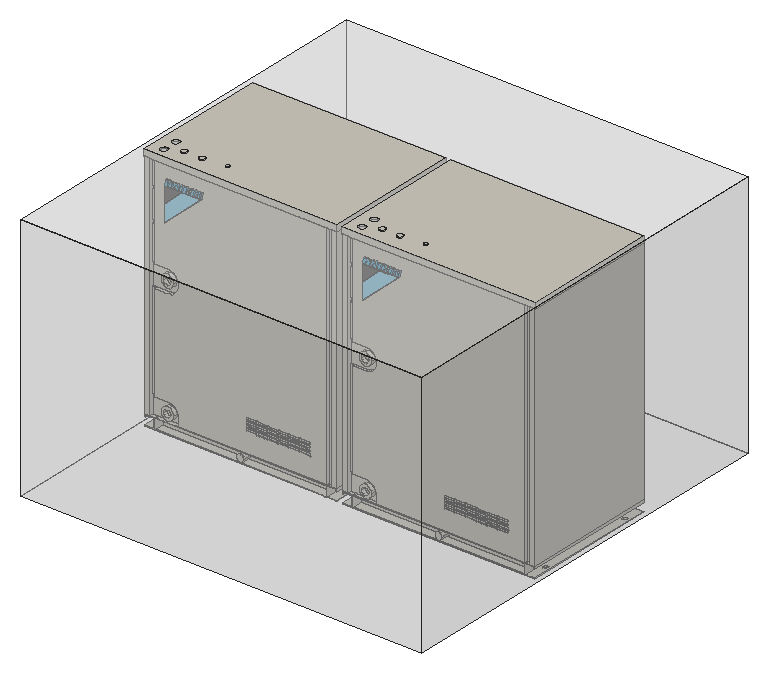
Revit family "outputfile", category 機械設備, Revit 2024
Family settings
  丸型コネクタ寸法 = 半径を使用
  種別 = なし
  パーツ タイプ = 標準
  OmniClass 番号 = 23.75.10.24.21.27.27
  OmniClass タイトル = Split System Air Conditioning Units
  作業面ベース = いいえ
  常に垂直 = はい
  ロード時にボイドで切り取り = いいえ
  注釈の向きを維持 = いいえ
  共有 = いいえ
  部屋計算ポイント = いいえ
Parameters (values of type "RWEYQ24TYM")
  製造元 = "Daikin"
  書き出し IFC クラス(タイプ) = "IfcUnitaryEquipmentType"
  定義済み IFC タイプ(タイプ) = "AIRCONDITIONINGUNIT"
  モデル = "RWEYQ24TYM"
  w_unit2 = 780.0 mm
  w_unit1 = 780.0 mm
  switch_unit2_6-8 [instance] = if(Reverse_ModuleSequence, if(default_unit1 = 1, 1 = 1, 1 = 0), if(default_unit2 = 1, 1 = 1, 1 = 0))  # no
  switch_unit2_12 [instance] = if(Reverse_ModuleSequence, if(default_unit1 = 3, 1 = 1, 1 = 0), if(default_unit2 = 3, 1 = 1, 1 = 0))  # yes
  switch_unit2_10 [instance] = if(Reverse_ModuleSequence, if(default_unit1 = 2, 1 = 1, 1 = 0), if(default_unit2 = 2, 1 = 1, 1 = 0))  # no
  switch_unit1_6-8 [instance] = if(Reverse_ModuleSequence, if(default_unit2 = 1, 1 = 1, 1 = 0), if(default_unit1 = 1, 1 = 1, 1 = 0))  # no
  switch_unit1_12 [instance] = if(Reverse_ModuleSequence, if(default_unit2 = 3, 1 = 1, 1 = 0), if(default_unit1 = 3, 1 = 1, 1 = 0))  # yes
  switch_unit1_10 [instance] = if(Reverse_ModuleSequence, if(default_unit2 = 2, 1 = 1, 1 = 0), if(default_unit1 = 2, 1 = 1, 1 = 0))  # no
  r_Water Outlet Pipe Connection_unit2 [instance] = Water Outlet Pipe Connection_Unit2 / 2  # 15.9 mm
  r_Water Outlet Pipe Connection_unit1 [instance] = Water Outlet Pipe Connection_Unit1 / 2  # 15.9 mm
  r_Water Inlet Pipe Connection_unit2 [instance] = Water Inlet Pipe Connection_Unit2 / 2  # 15.9 mm
  r_Water Inlet Pipe Connection_unit1 [instance] = Water Inlet Pipe Connection_Unit1 / 2  # 15.9 mm
  r_Liquid Pipe Size_unit2 [instance] = Liquid Pipe Size_Unit 2 / 2  # 6.35 mm
  r_HP/LP Gas Pipe Size_unit2 [instance] = [HP/LP Gas Pipe Size_Unit 2] / 2  # 11.1 mm
  r_HP/LP Gas Pipe Size_unit1 [instance] = [HP/LP Gas Pipe Size_Unit 1] / 2  # 11.1 mm
  r_Gas Pipe Size_unit2 [instance] = Gas Pipe Size_Unit 2 / 2  # 11.1 mm
  r_Drain Pipe Size = Drain Pipe Size / 2  # 6.35 mm
  lw_powersupply2 = 51.0 mm
  lw_liquidpipe2 = 274.0 mm
  lw_gaspipe2 [instance] = if(Heat Pump, 107.0 mm, 178.0 mm)  # 107.0 mm
  lw_Water Outlet2 = 95.0 mm
  lw_Water Outlet1 = 95.0 mm
  lw_Water Inlet2 = 95.0 mm
  lw_Water Inlet1 = 95.0 mm
  lw_HP/LP Gas Pipe2 [instance] = if(Heat Pump, 178.0 mm, 107.0 mm)  # 178.0 mm
  lw_HP/LP Gas Pipe1 [instance] = if(Heat Pump, 178.0 mm, 107.0 mm)  # 178.0 mm
  lw_Drain2 = 390.0 mm
  lw_Drain1 = 390.0 mm
  ld_HP/LP Gas Pipe = 69.0 mm
  h_mountinghole = [h_***] + 2.3 mm  # 2.3 mm
  r_Liquid Pipe Size_unit1 [instance] = Liquid Pipe Size_Unit 1 / 2  # 6.35 mm
  r_Gas Pipe Size_unit1 [instance] = Gas Pipe Size_Unit 1 / 2  # 11.1 mm
  distance_unit1-2 [instance] = 20.0 mm
  default_unit2 = 3
  default_unit1 = 3
  default_Water Outlet Pipe Connection_Unit 2 = 31.8 mm
  default_Water Outlet Pipe Connection_Unit 1 = 31.8 mm
  default_Water Inlet Pipe Connection_Unit 2 = 31.8 mm
  default_Water Inlet Pipe Connection_Unit 1 = 31.8 mm
  default_Model_Unit 2 = "RWEYQ12TYM"
  default_Model_Unit 1 = "RWEYQ12TYM"
  default_Liquid Pipe Size_Unit 2 = 12.7 mm
  default_Liquid Pipe Size_Unit 1 = 12.7 mm
  default_HP/LP Gas Pipe Size_Unit 2 [instance] = if(and(Heat Pump, [switch_unit2_6-8]), 19.1 mm, if(and(Heat Pump, switch_unit2_10), 22.2 mm, if(and(Heat Pump, switch_unit2_12), 22.2 mm, if(and(Heat Recovery, [switch_unit2_6-8]), 15.9 mm, if(and(Heat Recovery, switch_unit2_10), 19.1 mm, if(and(Heat Recovery, switch_unit2_12), 19.1 mm, 19.1 mm))))))  # 22.2 mm
  default_HP/LP Gas Pipe Size_Unit 1 [instance] = if(and(Heat Pump, [switch_unit1_6-8]), 19.1 mm, if(and(Heat Pump, switch_unit1_10), 22.2 mm, if(and(Heat Pump, switch_unit1_12), 22.2 mm, if(and(Heat Recovery, [switch_unit1_6-8]), 15.9 mm, if(and(Heat Recovery, switch_unit1_10), 19.1 mm, if(and(Heat Recovery, switch_unit1_12), 19.1 mm, 19.1 mm))))))  # 22.2 mm
  default_Gas Pipe Size_Unit 2 = 22.2 mm
  default_Gas Pipe Size_Unit 1 = 22.2 mm
  angle_Drain [instance] = if(Rear Connection_Drain, 180.00°, 0.00°)  # 0.00°
  Water Outlet Pipe Connection_Unit2 [instance] = if(Reverse_ModuleSequence, default_Water Inlet Pipe Connection_Unit 1, default_Water Inlet Pipe Connection_Unit 2)  # 31.8 mm
  Water Outlet Pipe Connection_Unit1 [instance] = if(Reverse_ModuleSequence, default_Water Outlet Pipe Connection_Unit 2, default_Water Outlet Pipe Connection_Unit 1)  # 31.8 mm
  Water Inlet Pipe Connection_Unit2 [instance] = if(Reverse_ModuleSequence, default_Water Outlet Pipe Connection_Unit 1, default_Water Outlet Pipe Connection_Unit 2)  # 31.8 mm
  Water Inlet Pipe Connection_Unit1 [instance] = if(Reverse_ModuleSequence, default_Water Inlet Pipe Connection_Unit 2, default_Water Inlet Pipe Connection_Unit 1)  # 31.8 mm
  Voltage_comment_60Hz = "380"
  Voltage_comment_50Hz = "380-415"
  Voltage_60Hz = 380 V
  Voltage_50Hz = 400 V
  Top Connection_powersupply2 [instance] = not(Top Connection_powersupply1)  # no
  Sound Power Level (dB) = 75
  Reverse_ModuleSequence [instance] = no
  Rear Connection_Drain [instance] = not(Front Connection_Drain)  # no
  Power Input (Heating) = 15.700 kW
  Phase_60Hz = 3
  Phase_50Hz = 3
  Nominal Heating Capacity = 75.000 kW
  Model_Unit 2 [instance] = if(Reverse_ModuleSequence, default_Model_Unit 1, default_Model_Unit 2)  # "RWEYQ12TYM"
  Model_Unit 1 [instance] = if(Reverse_ModuleSequence, default_Model_Unit 2, default_Model_Unit 1)  # "RWEYQ12TYM"
  Minimum Circuit Amps_60Hz = 27.3 A
  Minimum Circuit Amps_50Hz = 27.3 A
  Maximum Fuse Amps_60Hz = 35.0 A
  Maximum Fuse Amps_50Hz = 35.0 A
  Material_Heat Exchanger = DAIKIN_Blue_HE_outdoorunit
  Material_Casing = DAIKIN_IvoryWhite_Casing_outdoorunit
  lw_powersupply1 = 51.0 mm
  lw_liquidpipe1 = 274.0 mm
  lw_gaspipe1 [instance] = if(Heat Pump, 107.0 mm, 178.0 mm)  # 107.0 mm
  lh_powersupply = 940.0 mm
  ld_powersupply [instance] = if(Top Connection_powersupply1, 38.0 mm, 98.0 mm)  # 38.0 mm
  ld_liquidpipe = 79.0 mm
  ld_gaspipe = 69.0 mm
  h_*** = 0.0 mm
  Width [instance] = [distance_unit1-2] + w_unit1 + w_unit2  # 1580.0 mm
  Version = "ver.1.0"
  Unit Type = ""
  Unit Mass Weight = 294.00 kg
  Unit Designation [instance] = ""
  Uniclass2015Version = "Products v1.30"
  Uniclass2015Title = "Variable refrigerant flow units"
  Uniclass2015Code = "Pr_70_65_03_94"
  Total Cooling Capacity [instance] = 0.000 kW
  Sound Pressure Level (dBA) = 56
  Series = "VRV Heat Recovery"
  Refrigerant_Base Charge = 8.400 kg
  Refrigerant_Additional Charge [instance] = 0.000 kg
  Refrigerant Type = "R410A"
  Power Input (Cooling) = 14.700 kW
  Option Accessory 3 [instance] = ""
  Option Accessory 2 [instance] = ""
  Option Accessory 1 [instance] = ""
  Nominal Cooling Capacity = 67.000 kW
  Load Classification = HVAC
  Liquid Pipe Size_Unit 2 [instance] = if(Reverse_ModuleSequence, default_Liquid Pipe Size_Unit 1, default_Liquid Pipe Size_Unit 2)  # 12.7 mm
  Liquid Pipe Size_Unit 1 [instance] = if(Reverse_ModuleSequence, default_Liquid Pipe Size_Unit 2, default_Liquid Pipe Size_Unit 1)  # 12.7 mm
  Link_Nested Family [instance] = ""
  IfcVersion = ""
  IfcExportType = "AIRCONDITIONINGUNIT"
  IfcExportAs = "IfcUnitaryEquipmentType"
  Height = 1000.0 mm
  Heat Recovery [instance] = not(Heat Pump)  # no
  Heat Pump [instance] = yes
  Heat Exchanger Type = "Stainless Steel Plate"
  HP/LP Gas Pipe Size_Unit 2 [instance] = [default_HP/LP Gas Pipe Size_Unit 2]  # 22.2 mm
  HP/LP Gas Pipe Size_Unit 1 [instance] = [default_HP/LP Gas Pipe Size_Unit 1]  # 22.2 mm
  Gas Pipe Size_Unit 2 [instance] = if(Reverse_ModuleSequence, default_Gas Pipe Size_Unit 1, default_Gas Pipe Size_Unit 2)  # 22.2 mm
  Gas Pipe Size_Unit 1 [instance] = if(Reverse_ModuleSequence, default_Gas Pipe Size_Unit 2, default_Gas Pipe Size_Unit 1)  # 22.2 mm
  Top Connection_powersupply1 [instance] = yes
  Front Connection_Drain [instance] = yes
  Frequency_60Hz = 60 Hz
  Frequency_50Hz = 50 Hz
  Drain Pipe Size = 12.7 mm
  Depth = 550.0 mm
  既定の高さ = 0.0 mm
  Cooling Ambient Wet Bulb Temperature [instance] = 0.00 °C
  Cooling Ambient Dry Bulb Temperature [instance] = 0.00 °C
  Compressor Type = "Hermetically Sealed Scroll Type"
  Clearance visibility [instance] = yes
  Clearance Top = 0.0 mm
  Clearance Right = 20.0 mm
  Clearance Rear = 500.0 mm
  Clearance Left = 20.0 mm
  Clearance Front = 600.0 mm
  Clearance Bottom = 0.0 mm
  CU Tag No. [instance] = ""
Reference planes
  plane 1 "Center (Front/Back)": y = 0
  plane 2 "h_***": z = 0
  plane 3 "Center (Left/Right)": x = 0
  plane 4 "Back": y = 275
  plane 5 "Front": y = -275
  plane 6 "Left": x = -390
  plane 7 "w_unit1": x = 390
  plane 8 "Top": z = 1000
  plane 9 "Clearance Rear": y = 775
  plane 10 "Clearance Front": y = -875
  plane 11 "Clearance Left": x = -410
  plane 12 "Clearance Right": x = 1210
  plane 13 "Clearance Top": z = 1000
  plane 14 "Clearance Bottom": z = 0
  plane 15 "Bottom": z = 0
  plane 16 "lw_powersupply1": x = -339
  plane 17 "ld_powersupply": y = -237
  plane 18 "lw_liquidpipe1": x = -116
  plane 19 "Rear Connection_refrigetant": y = -196
  plane 20 "lw_gaspipe1": x = -283
  plane 21 "ld_gaspipe": y = -206
  plane 22 "lh_logo": z = 900
  plane 23 "lw_logo": x = 100
  plane 24 "lh_powersupply": z = 940
  plane 25 "lw_HP/LP Gas Pipe1": x = -212
  plane 26 "ld_HP/LP Gas Pipe": y = -206
  plane 27 "l_unit2": x = 410
  plane 28 "Right": x = 1190
  plane 29 "lw_powersupply2": x = 461
  plane 30 "lw_liquidpipe2": x = 684
  plane 31 "lw_gaspipe2": x = 517
  plane 32 "lw_HP/LP Gas Pipe2": x = 588
  plane 33 "lw_Water Inlet1": x = -295
  plane 34 "lw_Water Outlet1": x = -295
  plane 35 "lw_Drain1": x = 0
  plane 36 "lw_Water Inlet2": x = 505
  plane 37 "lw_Water Outlet2": x = 505
  plane 38 "lw_Drain2": x = 800
Dimensions and locks
  equal spacing: plane 4 "Back", plane 1 "Center (Front/Back)", plane 5 "Front"
  "Depth": plane 4 "Back" to plane 5 "Front"
  equal spacing: plane 6 "Left", plane 3 "Center (Left/Right)", plane 7 "w_unit1"
  "w_unit1": plane 6 "Left" to plane 7 "w_unit1"
  "Clearance Rear": plane 9 "Clearance Rear" to plane 4 "Back"
  "Clearance Front": plane 10 "Clearance Front" to plane 5 "Front"
  "Clearance Left": plane 11 "Clearance Left" to plane 6 "Left"
  "Clearance Top": plane 13 "Clearance Top" to plane 8 "Top"
  "h_***": plane 15 "Bottom" to plane 2 "h_***"
  "Height": plane 8 "Top" to plane 15 "Bottom"
  "Clearance Bottom": plane 15 "Bottom" to plane 14 "Clearance Bottom"
  "ld_powersupply": plane 17 "ld_powersupply" to plane 5 "Front"
  "ld_liquidpipe": plane 19 "Rear Connection_refrigetant" to plane 5 "Front"
  "ld_gaspipe": plane 21 "ld_gaspipe" to plane 5 "Front"
  locked: plane 23 "lw_logo" to plane 7 "w_unit1" at 290
  locked: plane 22 "lh_logo" to plane 15 "Bottom" at 900
  "lw_gaspipe1": plane 6 "Left" to plane 20 "lw_gaspipe1"
  "lw_liquidpipe1": plane 6 "Left" to plane 18 "lw_liquidpipe1"
  "lw_powersupply1": plane 6 "Left" to plane 16 "lw_powersupply1"
  "lh_powersupply": plane 24 "lh_powersupply" to plane 15 "Bottom"
  "lw_HP/LP Gas Pipe1": plane 6 "Left" to plane 25 "lw_HP/LP Gas Pipe1"
  "ld_HP/LP Gas Pipe": plane 26 "ld_HP/LP Gas Pipe" to plane 5 "Front"
  "distance_unit1-2": plane 7 "w_unit1" to plane 27 "l_unit2"
  "Clearance Right": plane 28 "Right" to plane 12 "Clearance Right"
  "Width": plane 6 "Left" to plane 28 "Right"
  "lw_powersupply2": plane 27 "l_unit2" to plane 29 "lw_powersupply2"
  "lw_HP/LP Gas Pipe2": plane 27 "l_unit2" to plane 32 "lw_HP/LP Gas Pipe2"
  "lw_gaspipe2": plane 27 "l_unit2" to plane 31 "lw_gaspipe2"
  "lw_liquidpipe2": plane 27 "l_unit2" to plane 30 "lw_liquidpipe2"
  "lw_Water Inlet1": plane 6 "Left" to plane 33 "lw_Water Inlet1"
  "lw_Water Outlet1": plane 6 "Left" to plane 34 "lw_Water Outlet1"
  "lw_Drain1": plane 6 "Left" to plane 35 "lw_Drain1"
  "lw_Water Inlet2": plane 27 "l_unit2" to plane 36 "lw_Water Inlet2"
  "lw_Water Outlet2": plane 27 "l_unit2" to plane 37 "lw_Water Outlet2"
  "lw_Drain2": plane 27 "l_unit2" to plane 38 "lw_Drain2"
  aligned and locked: level to plane 2 "h_***"
  aligned and locked: plane 9 "Clearance Rear" to nested 2
  aligned and locked: nested 2 to plane 10 "Clearance Front"
  aligned and locked: plane 11 "Clearance Left" to nested 2
  aligned and locked: plane 12 "Clearance Right" to nested 2
  aligned and locked: plane 13 "Clearance Top" to nested 2
  aligned and locked: plane 14 "Clearance Bottom" to nested 2
  aligned and locked: plane 8 "Top" to nested 1
  aligned and locked: plane 22 "lh_logo" to nested 7
  aligned and locked: nested 8 to plane 16 "lw_powersupply1"
  aligned and locked: nested 9 to plane 20 "lw_gaspipe1"
  aligned and locked: nested 10 to plane 18 "lw_liquidpipe1"
  aligned and locked: nested 10 to plane 19 "Rear Connection_refrigetant"
  aligned and locked: nested 9 to plane 21 "ld_gaspipe"
  aligned and locked: nested 8 to plane 17 "ld_powersupply"
  aligned and locked: plane 5 "Front" to nested 7
  aligned and locked: plane 24 "lh_powersupply" to nested 8
  aligned and locked: plane 27 "l_unit2" to nested 11
  aligned and locked: nested 17 to plane 29 "lw_powersupply2"
  aligned and locked: nested 17 to plane 17 "ld_powersupply"
  aligned and locked: nested 18 to plane 31 "lw_gaspipe2"
  aligned and locked: nested 18 to plane 26 "ld_HP/LP Gas Pipe"
  aligned and locked: plane 1 "Center (Front/Back)" to nested 20
  aligned and locked: plane 33 "lw_Water Inlet1" to nested 20
  aligned and locked: plane 1 "Center (Front/Back)" to nested 21
  aligned and locked: plane 34 "lw_Water Outlet1" to nested 21
  aligned and locked: plane 1 "Center (Front/Back)" to nested 22
  aligned and locked: plane 35 "lw_Drain1" to nested 22
  aligned and locked: plane 1 "Center (Front/Back)" to nested 23
  aligned and locked: plane 36 "lw_Water Inlet2" to nested 23
  aligned and locked: plane 1 "Center (Front/Back)" to nested 24
  aligned and locked: plane 37 "lw_Water Outlet2" to nested 24
  aligned and locked: plane 1 "Center (Front/Back)" to nested 25
  aligned and locked: plane 38 "lw_Drain2" to nested 25
  aligned and locked: plane 25 "lw_HP/LP Gas Pipe1" to nested 26
  aligned and locked: plane 32 "lw_HP/LP Gas Pipe2" to nested 27
  aligned and locked: nested 26 to plane 26 "ld_HP/LP Gas Pipe"
  aligned and locked: nested 27 to plane 26 "ld_HP/LP Gas Pipe"
Nested families
  nested 1: "DAIKIN_outdoorunit_RWEYQ-TYM" at (-31, 0, 0), h_*** <- "h_***", Link_Nest <- "Link_Nested Family", h_mountinghole <- "h_mountinghole", Width <- "w_unit1", switch_unit1_6-8 <- "switch_unit1_6-8", switch_unit1_10 <- "switch_unit1_10", switch_unit1_12 <- "switch_unit1_12", type "RWEYQ-TYM"
    with switch_unit1_6-8 no, switch_unit1_12 yes, switch_unit1_10 no, show_fixedhole yes, h_mountinghole 2.3 mm, h_antenna_mountinghole 998.7 mm, h_*** 0.0 mm, array_bolt 5, Width 780.0 mm, Liquid Pipe Size_Unit 1 12.7 mm, Link_Nest "", HP/LP Pipe Size_Unit 1 22.2 mm, Gas Pipe Size_Unit 1 22.2 mm
  nested 2: "daikin_clearancespace" at (400, -50, 500.119), visible <- "Clearance visibility", show <- "Clearance visibility", Link_Nested Family <- "Link_Nested Family", type "daikin_clearancespace"
    with width 1620.0 mm, show yes, height 1000.0 mm, depth 1650.0 mm, Link_Nested Family ""
  nested 3: "daikin_mountinghole" at (-372, 200, 0), type "daikin_mountinghole"
    with show yes, l_antenna 998.7 mm, h_mountinghole 2.3 mm, Link_Nested Family ""
  nested 4: "daikin_mountinghole" at (372, 200, 0), type "daikin_mountinghole"
    with show yes, l_antenna 998.7 mm, h_mountinghole 2.3 mm, Link_Nested Family ""
  nested 5: "daikin_mountinghole" at (-372, -200, 0), type "daikin_mountinghole"
    with show yes, l_antenna 998.7 mm, h_mountinghole 2.3 mm, Link_Nested Family ""
  nested 6: "daikin_mountinghole" at (372, -200, 0), type "daikin_mountinghole"
    with show yes, l_antenna 998.7 mm, h_mountinghole 2.3 mm, Link_Nested Family ""
  nested 7: "daikin_logo_elevation_w150" at (-212.5, -275, 744.568), type "daikin_logo_elevation_w150"
    with show_logo yes
  nested 8: "daikin_connector_rotate3" at (-339, -237, 940) x (-1, 0, 0) z (0, 0, -1), type "daikin_connector_rotate3"
    with show no, radius 10.0 mm, length 60.0 mm, angle_vertical 0.00°, angle_horizontal 0.00°
  nested 9: "daikin_connector_rotate3" at (-283, -206, 940) x (-1, 0, 0) z (0, 0, -1), radius <- "r_Gas Pipe Size_unit1", type "daikin_connector_rotate3"
    with show no, radius 11.1 mm, length 60.0 mm, angle_vertical 0.00°, angle_horizontal 0.00°
  nested 10: "daikin_connector_rotate3" at (-116, -196, 940) x (-1, 0, 0) z (0, 0, -1), radius <- "r_Liquid Pipe Size_unit1", type "daikin_connector_rotate3"
    with show no, radius 6.35 mm, length 60.0 mm, angle_vertical 0.00°, angle_horizontal 0.00°
  nested 11: "DAIKIN_outdoorunit_RWEYQ-TYM" at (769, 0, 0), Width <- "w_unit2", switch_unit1_6-8 <- "switch_unit2_6-8", switch_unit1_10 <- "switch_unit2_10", switch_unit1_12 <- "switch_unit2_12", type "RWEYQ-TYM"
    with switch_unit1_6-8 no, switch_unit1_12 yes, switch_unit1_10 no, show_fixedhole yes, h_mountinghole 2.3 mm, h_antenna_mountinghole 998.7 mm, h_*** 0.0 mm, array_bolt 5, Width 780.0 mm, Liquid Pipe Size_Unit 1 12.7 mm, Link_Nest "", HP/LP Pipe Size_Unit 1 22.2 mm, Gas Pipe Size_Unit 1 22.2 mm
  nested 12: "daikin_mountinghole" at (428, 200, 0), type "daikin_mountinghole"
    with show yes, l_antenna 998.7 mm, h_mountinghole 2.3 mm, Link_Nested Family ""
  nested 13: "daikin_mountinghole" at (1172, 200, 0), type "daikin_mountinghole"
    with show yes, l_antenna 998.7 mm, h_mountinghole 2.3 mm, Link_Nested Family ""
  nested 14: "daikin_mountinghole" at (428, -200, 0), type "daikin_mountinghole"
    with show yes, l_antenna 998.7 mm, h_mountinghole 2.3 mm, Link_Nested Family ""
  nested 15: "daikin_mountinghole" at (1172, -200, 0), type "daikin_mountinghole"
    with show yes, l_antenna 998.7 mm, h_mountinghole 2.3 mm, Link_Nested Family ""
  nested 16: "daikin_connector_rotate3" at (684, -196, 940) x (-1, 0, 0) z (0, 0, -1), radius <- "r_Liquid Pipe Size_unit2", type "daikin_connector_rotate3"
    with show no, radius 6.35 mm, length 60.0 mm, angle_vertical 0.00°, angle_horizontal 0.00°
  nested 17: "daikin_connector_rotate3" at (461, -237, 940) x (-1, 0, 0) z (0, 0, -1), type "daikin_connector_rotate3"
    with show no, radius 10.0 mm, length 60.0 mm, angle_vertical 0.00°, angle_horizontal 0.00°
  nested 18: "daikin_connector_rotate3" at (517, -206, 940) x (-1, 0, 0) z (0, 0, -1), radius <- "r_Gas Pipe Size_unit2", type "daikin_connector_rotate3"
    with show no, radius 11.1 mm, length 60.0 mm, angle_vertical 0.00°, angle_horizontal 0.00°
  nested 19: "daikin_logo_elevation_w150" at (587.5, -275, 744.568), type "daikin_logo_elevation_w150"
    with show_logo yes
  nested 20: "daikin_connector_rotate3" at (-295, 0, 76), radius <- "r_Water Inlet Pipe Connection_unit1", type "daikin_connector_rotate3"
    with show no, radius 15.9 mm, length 275.0 mm, angle_vertical 90.00°, angle_horizontal 0.00°
  nested 21: "daikin_connector_rotate3" at (-295, 0, 556), radius <- "r_Water Outlet Pipe Connection_unit1", type "daikin_connector_rotate3"
    with show no, radius 15.9 mm, length 275.0 mm, angle_vertical 90.00°, angle_horizontal 0.00°
  nested 22: "daikin_connector_rotate3" at (0, 0, 19), angle_horizontal <- "angle_Drain", radius <- "r_Drain Pipe Size", type "daikin_connector_rotate3"
    with show no, radius 6.35 mm, length 275.0 mm, angle_vertical 90.00°, angle_horizontal 0.00°
  nested 23: "daikin_connector_rotate3" at (505, 0, 76), radius <- "r_Water Inlet Pipe Connection_unit2", type "daikin_connector_rotate3"
    with show no, radius 15.9 mm, length 275.0 mm, angle_vertical 90.00°, angle_horizontal 0.00°
  nested 24: "daikin_connector_rotate3" at (505, 0, 556), radius <- "r_Water Outlet Pipe Connection_unit2", type "daikin_connector_rotate3"
    with show no, radius 15.9 mm, length 275.0 mm, angle_vertical 90.00°, angle_horizontal 0.00°
  nested 25: "daikin_connector_rotate3" at (800, 0, 19), angle_horizontal <- "angle_Drain", radius <- "r_Drain Pipe Size", type "daikin_connector_rotate3"
    with show no, radius 6.35 mm, length 275.0 mm, angle_vertical 90.00°, angle_horizontal 0.00°
  nested 26: "daikin_connector_rotate3" at (-212, -206, 940) x (1, 0, 0) z (0, 0, -1), radius <- "r_HP/LP Gas Pipe Size_unit1", type "daikin_connector_rotate3"
    with show no, radius 11.1 mm, length 60.0 mm, angle_vertical 0.00°, angle_horizontal 0.00°
  nested 27: "daikin_connector_rotate3" at (588, -206, 940) x (1, 0, 0) z (0, 0, -1), radius <- "r_HP/LP Gas Pipe Size_unit2", type "daikin_connector_rotate3"
    with show no, radius 11.1 mm, length 60.0 mm, angle_vertical 0.00°, angle_horizontal 0.00°
Connectors
  piping at (-116, -196, 1000), diameter 12.7, driven by "r_Liquid Pipe Size_unit1"
    settings: on nested 10, index 12, connector inside diameter 609.6 mm, connector length 0.0 mm, flow factor 0, pipe flow 0.00 m³/h, pressure drop 0.0 Pa, fitting loss kfactor 0, connector angle 0.00°, fixture units 0, engagement length 0.0 mm, angle of deflection 0.00°, flow configuration 0, flow direction 2, fitting loss method 0, system type 29, joint type 0, gender type 0, connector reference index -1, connector utility 0, adjustable connector no, is connector primary no, connector description "Refrigerant Liquid Piping1"
  electrical at (-339, -237, 1000), driven by "Load Classification"
    settings: on nested 8, index 13, voltage 0 V, apparent load 0 VA, apparent load phase1 0 VA, apparent load phase2 0 VA, apparent load phase3 0 VA, power factor 1, load classification "HVAC", number of poles 1, system type 30, power factor state 1, is connector primary yes, connector utility no, sub classification motor no, connector description "Power Supply1"
  piping at (684, -196, 1000), diameter 12.7, driven by "r_Liquid Pipe Size_unit2"
    settings: on nested 16, index 15, connector inside diameter 609.6 mm, connector length 0.0 mm, flow factor 0, pipe flow 0.00 m³/h, pressure drop 0.0 Pa, fitting loss kfactor 0, connector angle 0.00°, fixture units 0, engagement length 0.0 mm, angle of deflection 0.00°, flow configuration 0, flow direction 2, fitting loss method 0, system type 29, joint type 0, gender type 0, connector reference index -1, connector utility 0, adjustable connector no, is connector primary no, connector description "Refrigerant Liquid Piping2"
  electrical at (461, -237, 1000), driven by "Load Classification"
    settings: on nested 17, index 17, voltage 0 V, apparent load 0 VA, apparent load phase1 0 VA, apparent load phase2 0 VA, apparent load phase3 0 VA, power factor 1, load classification "HVAC", number of poles 1, system type 30, power factor state 1, is connector primary no, connector utility no, sub classification motor no, connector description "Power Supply2"
  piping at (-295, -275, 556), diameter 31.8, driven by "r_Water Outlet Pipe Connection_unit1"
    settings: on nested 21, index 19, connector inside diameter 609.6 mm, connector length 0.0 mm, flow factor 0, pipe flow 0.00 m³/h, pressure drop 0.0 Pa, fitting loss kfactor 0, connector angle 0.00°, fixture units 0, engagement length 0.0 mm, angle of deflection 0.00°, flow configuration 1, flow direction 2, fitting loss method 0, system type 8, joint type 0, gender type 0, connector reference index -1, connector utility 0, adjustable connector no, is connector primary no, connector description "Cooling Water Outlet Piping 1"
  piping at (-295, -275, 76), diameter 31.8, driven by "r_Water Inlet Pipe Connection_unit1"
    settings: on nested 20, index 20, connector inside diameter 609.6 mm, connector length 0.0 mm, flow factor 0, pipe flow 0.00 m³/h, pressure drop 0.0 Pa, fitting loss kfactor 0, connector angle 0.00°, fixture units 0, engagement length 0.0 mm, angle of deflection 0.00°, flow configuration 1, flow direction 1, fitting loss method 0, system type 7, joint type 0, gender type 0, connector reference index -1, connector utility 0, adjustable connector no, is connector primary no, connector description "Cooling Water Inlet  Piping 1"
  piping at (0, -275, 19), diameter 12.7, driven by "r_Drain Pipe Size"
    settings: on nested 22, index 21, connector inside diameter 609.6 mm, connector length 0.0 mm, flow factor 0, pipe flow 0.00 m³/h, pressure drop 0.0 Pa, fitting loss kfactor 0, connector angle 0.00°, fixture units 0, engagement length 0.0 mm, angle of deflection 0.00°, flow configuration 1, flow direction 2, fitting loss method 4, system type 16, joint type 0, gender type 0, connector reference index -1, connector utility 0, adjustable connector no, is connector primary no, connector description "Condensate Drain Piping 1"
  piping at (505, -275, 556), diameter 31.8, driven by "r_Water Outlet Pipe Connection_unit2"
    settings: on nested 24, index 22, connector inside diameter 609.6 mm, connector length 0.0 mm, flow factor 0, pipe flow 0.00 m³/h, pressure drop 0.0 Pa, fitting loss kfactor 0, connector angle 0.00°, fixture units 0, engagement length 0.0 mm, angle of deflection 0.00°, flow configuration 1, flow direction 2, fitting loss method 0, system type 8, joint type 0, gender type 0, connector reference index -1, connector utility 0, adjustable connector no, is connector primary no, connector description "Cooling Water Outlet Piping 2"
  piping at (505, -275, 76), diameter 31.8, driven by "r_Water Inlet Pipe Connection_unit2"
    settings: on nested 23, index 23, connector inside diameter 609.6 mm, connector length 0.0 mm, flow factor 0, pipe flow 0.00 m³/h, pressure drop 0.0 Pa, fitting loss kfactor 0, connector angle 0.00°, fixture units 0, engagement length 0.0 mm, angle of deflection 0.00°, flow configuration 1, flow direction 1, fitting loss method 0, system type 7, joint type 0, gender type 0, connector reference index -1, connector utility 0, adjustable connector no, is connector primary no, connector description "Cooling Water Inlet  Piping 2"
  piping at (800, -275, 19), diameter 12.7, driven by "r_Drain Pipe Size"
    settings: on nested 25, index 24, connector inside diameter 609.6 mm, connector length 0.0 mm, flow factor 0, pipe flow 0.00 m³/h, pressure drop 0.0 Pa, fitting loss kfactor 0, connector angle 0.00°, fixture units 0, engagement length 0.0 mm, angle of deflection 0.00°, flow configuration 1, flow direction 2, fitting loss method 4, system type 16, joint type 0, gender type 0, connector reference index -1, connector utility 0, adjustable connector no, is connector primary no, connector description "Condensate Drain Piping 2"
  piping at (-212, -206, 1000), diameter 22.2, driven by "r_HP/LP Gas Pipe Size_unit1"
    settings: on nested 26, index 27, connector inside diameter 609.6 mm, connector length 0.0 mm, flow factor 0, pipe flow 0.00 m³/h, pressure drop 0.0 Pa, fitting loss kfactor 0, connector angle 0.00°, fixture units 0, engagement length 0.0 mm, angle of deflection 0.00°, flow configuration 0, flow direction 0, fitting loss method 0, system type 29, joint type 0, gender type 0, connector reference index -1, connector utility 0, adjustable connector no, is connector primary no, connector description "Refrigerant HP/LP Gas Piping1"
  piping at (588, -206, 1000), diameter 22.2, driven by "r_HP/LP Gas Pipe Size_unit2"
    settings: on nested 27, index 28, connector inside diameter 609.6 mm, connector length 0.0 mm, flow factor 0, pipe flow 0.00 m³/h, pressure drop 0.0 Pa, fitting loss kfactor 0, connector angle 0.00°, fixture units 0, engagement length 0.0 mm, angle of deflection 0.00°, flow configuration 0, flow direction 0, fitting loss method 0, system type 29, joint type 0, gender type 0, connector reference index -1, connector utility 0, adjustable connector no, is connector primary no, connector description "Refrigerant HP/LP Gas Piping2"
  piping at (-283, -206, 1000), diameter 22.2, driven by "r_Gas Pipe Size_unit1"
    settings: on nested 9, index 29, connector inside diameter 609.6 mm, connector length 0.0 mm, flow factor 0, pipe flow 0.00 m³/h, pressure drop 0.0 Pa, fitting loss kfactor 0, connector angle 0.00°, fixture units 0, engagement length 0.0 mm, angle of deflection 0.00°, flow configuration 0, flow direction 1, fitting loss method 0, system type 29, joint type 0, gender type 0, connector reference index -1, connector utility 0, adjustable connector no, is connector primary yes, connector description "Refrigerant Gas Piping1"
  piping at (517, -206, 1000), diameter 22.2, driven by "r_Gas Pipe Size_unit2"
    settings: on nested 18, index 30, connector inside diameter 609.6 mm, connector length 0.0 mm, flow factor 0, pipe flow 0.00 m³/h, pressure drop 0.0 Pa, fitting loss kfactor 0, connector angle 0.00°, fixture units 0, engagement length 0.0 mm, angle of deflection 0.00°, flow configuration 0, flow direction 1, fitting loss method 0, system type 29, joint type 0, gender type 0, connector reference index -1, connector utility 0, adjustable connector no, is connector primary no, connector description "Refrigerant Gas Piping2"
Definition of nested family "DAIKIN_outdoorunit_RWEYQ-TYM"
  Parameters (values of type "RWEYQ-TYM")
    w_wiremesh_right = 668.0 mm  # constant formula
    w_wiremesh_left = 590.0 mm  # constant formula
    w_wiremesh_front = 248.0 mm  # constant formula
    switch_unit1_6-8 [instance] = no
    switch_unit1_12 [instance] = yes
    switch_unit1_10 [instance] = no
    show_fixedhole [instance] = yes
    material_heatexchanger = none
    material_casing = none
    ld_hole1_bottom = 154.0 mm  # constant formula
    h_wiremesh = 900.0 mm  # constant formula
    h_mountinghole [instance] = 2.3 mm
    h_antenna_mountinghole [instance] = Height + 1.0 mm - 2.3 mm  # 998.7 mm
    h_*** [instance] = 0.0 mm
    array_bolt [instance] = 5
    Width [instance] = 780.0 mm
    Liquid Pipe Size_Unit 1 [instance] = if([switch_unit1_6-8], 9.5 mm, if(switch_unit1_10, 9.5 mm, if(switch_unit1_12, 12.7 mm, 9.5 mm)))  # 12.7 mm
    Link_Nest [instance] = ""
    Height = 1000.0 mm
    Heat Recovery = not(Heat Pump)  # no
    Heat Pump = yes
    HP/LP Pipe Size_Unit 1_L = if(Heat Pump, 178.0 mm, 107.0 mm)  # 178.0 mm
    HP/LP Pipe Size_Unit 1 [instance] = if(Heat Recovery, if([switch_unit1_6-8], 15.9 mm, if(switch_unit1_10, 19.1 mm, if(switch_unit1_12, 19.1 mm, 15.9 mm))), if([switch_unit1_6-8], 19.1 mm, if(switch_unit1_10, 22.2 mm, if(switch_unit1_12, 22.2 mm, 19.1 mm))))  # 22.2 mm
    Gas Pipe Size_Unit 1_L = if(Heat Pump, 107.0 mm, 178.0 mm)  # 107.0 mm
    Gas Pipe Size_Unit 1_H = 60.0 mm  # constant formula
    Gas Pipe Size_Unit 1 [instance] = if([switch_unit1_6-8], 19.1 mm, if(switch_unit1_10, 22.2 mm, if(switch_unit1_12, 22.2 mm, 19.1 mm)))  # 22.2 mm
    Depth = 550.0 mm
    Default Elevation = 0.0 mm
  Reference planes
    plane 1 "Center (Front/Back)": y = 0
    plane 2 "reference_level": z = 0
    plane 3 "Center (Left/Right)": x = 31
    plane 4 "Bottom": z = 0
    plane 5: x = 421
    plane 6: x = -359
    plane 7 "Back": y = 275
    plane 8 "Front": y = -275
    plane 9: z = 1000
    plane 10: z = 976
    plane 11: y = -255
    plane 12: y = 255
    plane 13: x = -337
    plane 14: x = 399
    plane 15: x = -341
    plane 16: z = 45
    plane 17: x = 403
    plane 18: y = 200
    plane 19: y = -200
    plane 20: z = 1060
    plane 21: z = 19
    plane 22: z = 1000
    plane 23: z = 940
  Forms (mm)
    Extrusion 1, solid, material <- "material_heatexchanger"
      sketch origin (0, 0, 0) x (1, 0, 0) y (0, 1, 0)
        loop
          line (-337, 255) -> (-337, -255) -> (399, -255) -> (399, 255) -> (-337, 255)
      from 54 to 976
    Extrusion 2, void
      sketch origin (0, 350, 0) x (1, 0, 0) y (0, 1, 0)
        loop
          circle (-341, -150) r 8.5
        loop
          circle (403, -150) r 8.5
        loop
          circle (403, -550) r 8.5
        loop
          circle (-341, -550) r 8.5
      from 0 to 29.064
    Extrusion 3, solid, material <- "material_casing"
      sketch origin (620, -305, 0) x (-1, 0, 0) y (0, 0, 1)
        loop
          line (204.3, 35.061) -> (204.3, 42.7) -> (239.7, 42.7) -> (239.7, 2.3) -> (201, 2.3) -> (201, 0) -> (242, 0) -> (242, 45) -> (201, 45) -> (201, 35.061) -> (204.3, 35.061)
        loop
          line (973.7, 35.061) -> (977, 35.061) -> (977, 45) -> (936, 45) -> (936, 0) -> (977, 0) -> (977, 2.3) -> (938.3, 2.3) -> (938.3, 42.7) -> (973.7, 42.7) -> (973.7, 35.061)
      from 30 to 580
    Extrusion 4, solid, material <- "material_casing"
      sketch origin (31, 0, 0) x (0, 1, 0) y (0, 0, 1)
        loop
          line (-275, 45) -> (-275, 42.7) -> (-236.3, 42.7) -> (-236.3, 2.3) -> (-275, 2.3) -> (-275, 0) -> (-234, 0) -> (-234, 45) -> (-275, 45)
        loop
          line (275, 45) -> (234, 45) -> (234, 0) -> (275, 0) -> (275, 2.3) -> (236.3, 2.3) -> (236.3, 42.7) -> (275, 42.7) -> (275, 45)
      from -347 to 347
    Extrusion 5, solid, material <- "material_casing"
      sketch origin (0, 0, 0) x (1, 0, 0) y (0, 1, 0)
        loop
          circle (-85, -196) r 6.35
        loop
          circle (-181, -206) r 11.1
      from 940 to 1000
    Extrusion 6, solid, material <- "material_casing"
      sketch origin (-663.497, -190, 1200) x (-1, 0, 0) y (0, 0, 1)
        loop
          circle (-694.497, -1181) r 14
      from -85 to -46.3
    Extrusion 7, solid, material <- "material_casing"
      sketch origin (-663.497, 321.3, 1200) x (-1, 0, 0) y (0, 0, 1)
        loop
          circle (-694.497, -1181) r 14
      from -85 to -46.3
    Extrusion 8, solid, material <- "material_casing"
      sketch origin (0, -500, 0) x (1, 0, 0) y (0, 1, 0)
        loop
          circle (-252, 294) r 11.1
      from 940 to 1000
  Cuts and joins
    Extrusion 2 cuts Extrusion 3
  Dimensions and locks
    equal spacing: plane 6, plane 3 "Center (Left/Right)", plane 5
    "Width": plane 6 to plane 5
    locked: plane 9 to plane 10 at 24
    "Depth": plane 8 "Front" to plane 7 "Back"
    equal spacing: plane 7 "Back", plane 1 "Center (Front/Back)", plane 8 "Front"
    locked: plane 12 to plane 7 "Back" at 20
    locked: plane 11 to plane 8 "Front" at 20
    locked: plane 6 to plane 13 at 22
    locked: plane 14 to plane 5 at 22
    locked: plane 6 to plane 15 at 18
    "h_***": plane 4 "Bottom" to plane 2 "reference_level"
    locked: plane 16 to plane 4 "Bottom" at 45
    "Height": plane 9 to plane 4 "Bottom"
    locked: plane 5 to Extrusion 3 sketch curve at 2  (x2)
    locked: Extrusion 3 sketch curve to Extrusion 3 sketch curve at 41  (x2)
    locked: Extrusion 3 sketch curve to Extrusion 3 sketch curve at 3.3  (x2)
    locked: Extrusion 3 sketch curve to plane 6 at 2  (x2)
    locked: plane 8 "Front" to Extrusion 4 sketch curve at 41
    locked: Extrusion 4 sketch curve to plane 7 "Back" at 41
    locked: plane 17 to plane 5 at 18
    plane 19 to plane 8 "Front" = 75.0 mm
    locked: plane 18 to plane 7 "Back" at 75
    locked: Extrusion 5 sketch curve to plane 8 "Front" at 79
    locked: plane 6 to Extrusion 5 sketch curve at 274
    "HP/LP Pipe Size_Unit 1_L": plane 6 to Extrusion 5 sketch curve
    locked: Extrusion 5 sketch curve to plane 8 "Front" at 69
    locked: plane 20 to plane 9 at 60
    plane 21 to plane 4 "Bottom" = 19.0 mm
    "Gas Pipe Size_Unit 1_L": plane 6 to Extrusion 8 sketch curve
    locked: Extrusion 8 sketch curve to plane 8 "Front" at 69
    "Gas Pipe Size_Unit 1_H": plane 20 to plane 22
    locked: plane 22 to plane 23 at 60
    "HP/LP Pipe Size_Unit 1": diameter of Extrusion 5 sketch curve
    "Liquid Pipe Size_Unit 1": diameter of Extrusion 5 sketch curve
    "Gas Pipe Size_Unit 1": diameter of Extrusion 8 sketch curve
    aligned and locked: level to plane 2 "reference_level"
    aligned and locked: plane 12 to Extrusion 1 sketch curve
    aligned and locked: plane 11 to Extrusion 1 sketch curve
    aligned and locked: plane 13 to Extrusion 1 sketch curve
    aligned and locked: plane 14 to Extrusion 1 sketch curve
    aligned and locked: plane 10 to Extrusion 1
    aligned and locked: plane 11 to nested 1
    aligned and locked: plane 10 to nested 4
    aligned and locked: nested 5 to plane 9
    aligned and locked: plane 10 to nested 3
    aligned and locked: plane 10 to nested 2
    aligned and locked: plane 13 to nested 4
    aligned and locked: plane 14 to nested 2
    aligned and locked: plane 12 to nested 3
    aligned and locked: plane 15 to nested 7
    aligned and locked: plane 15 to nested 9
    aligned and locked: plane 8 "Front" to nested 5
    aligned and locked: plane 6 to nested 5
    aligned and locked: plane 10 to nested 1
    aligned and locked: plane 13 to nested 1
    aligned and locked: nested 2 to plane 1 "Center (Front/Back)"
    aligned and locked: nested 3 to plane 3 "Center (Left/Right)"
    aligned and locked: plane 1 "Center (Front/Back)" to nested 4
    aligned and locked: nested 6 to plane 3 "Center (Left/Right)"
    aligned and locked: plane 1 "Center (Front/Back)" to nested 6
    aligned and locked: plane 16 to Extrusion 3 sketch curve
    aligned and locked: Extrusion 3 sketch curve to plane 4 "Bottom"
    aligned and locked: Extrusion 3 sketch curve to plane 16
    aligned and locked: plane 4 "Bottom" to Extrusion 3 sketch curve
    aligned and locked: Extrusion 3 to plane 7 "Back"
    aligned and locked: Extrusion 3 to plane 8 "Front"
    aligned and locked: plane 8 "Front" to Extrusion 4 sketch curve  (x2)
    aligned and locked: plane 4 "Bottom" to Extrusion 4 sketch curve
    aligned and locked: Extrusion 4 sketch curve to plane 16
    aligned and locked: Extrusion 4 sketch curve to plane 7 "Back"  (x2)
    aligned and locked: plane 18 to Extrusion 2 sketch curve  (x2)
    aligned and locked: plane 15 to Extrusion 2 sketch curve  (x2)
    aligned and locked: plane 17 to Extrusion 2 sketch curve  (x2)
    aligned and locked: plane 17 to nested 8
    aligned and locked: plane 18 to nested 8
    aligned and locked: plane 18 to nested 7
    aligned and locked: nested 7 to plane 15
    aligned and locked: nested 9 to plane 19
    aligned and locked: nested 9 to plane 15
    aligned and locked: nested 10 to plane 19
    aligned and locked: plane 17 to nested 10
    aligned and locked: plane 19 to Extrusion 2 sketch curve  (x2)
    aligned and locked: plane 3 "Center (Left/Right)" to Extrusion 6 sketch curve
    aligned and locked: plane 21 to Extrusion 6 sketch curve
    aligned and locked: plane 22 to Extrusion 8
    aligned and locked: Extrusion 8 to plane 23
    aligned and locked: Extrusion 5 to plane 23
    aligned and locked: Extrusion 5 to plane 22
  Automatic sketch dimensions
    Extrusion 3 sketch curve to Extrusion 3 sketch curve = 2.3 mm  (x2)
    level to Extrusion 3 sketch curve = 2.3 mm  (x2)
    Extrusion 3 sketch curve to plane 16 = 9.939 mm  (x2)
    Extrusion 3 sketch curve to plane 16 = 2.3 mm  (x2)
    Extrusion 4 sketch curve to level = 0.0 mm
    Extrusion 4 sketch curve to plane 16 = 0.0 mm
    Extrusion 4 sketch curve to Extrusion 4 sketch curve = 2.3 mm  (x2)
    level to Extrusion 4 sketch curve = 2.3 mm  (x2)
    Extrusion 4 sketch curve to plane 16 = 2.3 mm  (x2)
    Extrusion 7 sketch curve to plane 3 "Center (Left/Right)" = 0.0 mm
    Extrusion 7 sketch curve to plane 21 = 0.0 mm
    radius of Extrusion 2 sketch curve = 8.5 mm  (x4)
    radius of Extrusion 6 sketch curve = 14.0 mm
    radius of Extrusion 7 sketch curve = 14.0 mm
  Nested families
    nested 1: "outdoorunit_frontpanel" at (-337, -265, 45), material <- "material_casing", type "frontpanel1"
      with material none
    nested 2: "outdoorunit_rightpanel1" at (409, -275, 45) x (0, 1, 0) z (0, 0, 1), material <- "material_casing", type "frontpanel1"
      with material none
    nested 3: "outdoorunit_backpanel" at (399, 265, 45) x (-1, 0, 0) z (0, 0, 1), material <- "material_casing", type "frontpanel1"
      with material none
    nested 4: "outdoorunit_leftpanel" at (-347, 275, 45) x (0, -1, 0) z (0, 0, 1), material <- "material_casing", type "frontpanel1"
      with material none
    nested 5: "outdoorunit_uppanel" at (-359, -275, 988) x (1, 0, 0) z (0, 1, 0), material <- "material_casing", type "frontpanel1"
      with material none
    nested 6: "outdoorunit_downpanel" at (399, 255, 56) x (-1, 0, 0) z (0, -1, 0), material <- "material_casing", type "frontpanel1"
      with material none
    nested 7: "daikin_mountinghole" at (-341, 200, 0), visible <- "show_fixedhole", Link_Nested Family <- "Link_Nest", l_antenna <- "h_antenna_mountinghole", h_mountinghole <- "h_mountinghole", type "daikin_mountinghole"
      with show yes, l_antenna 998.7 mm, h_mountinghole 2.3 mm, Link_Nested Family ""
    nested 8: "daikin_mountinghole" at (403, 200, 0), visible <- "show_fixedhole", Link_Nested Family <- "Link_Nest", l_antenna <- "h_antenna_mountinghole", h_mountinghole <- "h_mountinghole", type "daikin_mountinghole"
      with show yes, l_antenna 998.7 mm, h_mountinghole 2.3 mm, Link_Nested Family ""
    nested 9: "daikin_mountinghole" at (-341, -200, 0), visible <- "show_fixedhole", Link_Nested Family <- "Link_Nest", l_antenna <- "h_antenna_mountinghole", h_mountinghole <- "h_mountinghole", type "daikin_mountinghole"
      with show yes, l_antenna 998.7 mm, h_mountinghole 2.3 mm, Link_Nested Family ""
    nested 10: "daikin_mountinghole" at (403, -200, 0), visible <- "show_fixedhole", Link_Nested Family <- "Link_Nest", l_antenna <- "h_antenna_mountinghole", h_mountinghole <- "h_mountinghole", type "daikin_mountinghole"
      with show yes, l_antenna 998.7 mm, h_mountinghole 2.3 mm, Link_Nested Family ""
  Definition of nested family "outdoorunit_frontpanel"
    Parameters (values of type "frontpanel1")
      width = 736.0 mm
      material [instance] = none
      height1 = 931.0 mm
      depth = 20.0 mm
      Default Elevation = 0.0 mm
    Reference planes
      plane 1 "Center (Front/Back)": y = 0
      plane 2 "Bottom": z = 0
      plane 3: x = 0
      plane 4 "Back": y = 10
      plane 5 "Front": y = -10
      plane 6: x = 736
      plane 7 "Top": z = 931
      plane 8 "Left": x = 0
      plane 9 "Center L/S": y = 5
      plane 10 "Center L/T": y = -5
    Forms (mm)
      Extrusion 1, solid, material <- "material"
        sketch origin (0, 0, 0) x (1, 0, 0) y (0, 1, 0)
          loop
            line (0, 10) -> (0, -10) -> (736, -10) -> (736, 10) -> (0, 10)
        from 0 to 931
      Extrusion 2, void
        sketch origin (0, 0, 0) x (1, 0, 0) y (0, 0, 1)
          loop
            line (0, 931) -> (0, 0) -> (21, 0) -> (21, 931) -> (0, 931)
          loop
            line (736, 931) -> (715, 931) -> (715, 0) -> (736, 0) -> (736, 931)
        from 0 to 250
      Extrusion 3, void
        sketch origin (0, 0, 0) x (1, 0, 0) y (0, 0, 1)
          loop
            line (2, 931) -> (-33, 931) -> (-33, -14) -> (118, -14) -> (118, 31)
            arc (118, 31) -> (104.82, 62.82) -> (73, 76) r 45
            line (73, 76) -> (2, 76) -> (2, 466) -> (73, 466)
            arc (73, 466) -> (118, 511) -> (73, 556) r 45
            line (73, 556) -> (2, 556) -> (2, 692) -> (10.5, 692)
            arc (10.5, 692) -> (18, 699.5) -> (10.5, 707) r 7.5
            line (10.5, 707) -> (2, 707) -> (2, 817) -> (10.5, 817)
            arc (10.5, 817) -> (18, 824.5) -> (10.5, 832) r 7.5
            line (10.5, 832) -> (2, 832) -> (2, 931)
        from -5 to 250
      Extrusion 4, void
        sketch origin (0, 0, 0) x (1, 0, 0) y (0, 0, 1)
          loop
            line (734, 931) -> (734, 0) -> (972.161, 0) -> (972.161, 931) -> (734, 931)
        from -5 to 250
      Extrusion 5, solid, material <- "material"
        sketch origin (0, 0, 0) x (1, 0, 0) y (0, 0, 1)
          loop
            circle (73, 511) r 25
          loop
            circle (73, 511) r 15.5
          loop
            circle (73, 31) r 25
          loop
            circle (73, 31) r 15.5
        from -5 to 10
      Extrusion 6, void
        sketch origin (0, 0, 0) x (1, 0, 0) y (0, 0, 1)
          loop
            line (390.8, 131) -> (390.8, 118.75) -> (433.5, 118.75) -> (433.5, 131) -> (390.8, 131)
          loop
            line (390.8, 80) -> (433.5, 80) -> (433.5, 92.25) -> (390.8, 92.25) -> (390.8, 80)
          loop
            line (390.8, 117.75) -> (390.8, 106) -> (433.5, 106) -> (433.5, 117.75) -> (390.8, 117.75)
          loop
            line (390.8, 105) -> (390.8, 93.25) -> (433.5, 93.25) -> (433.5, 105) -> (390.8, 105)
          loop
            line (476.7, 131) -> (434.5, 131) -> (434.5, 118.75) -> (476.7, 118.75) -> (476.7, 131)
          loop
            line (434.5, 80) -> (476.7, 80) -> (476.7, 92.25) -> (434.5, 92.25) -> (434.5, 80)
          loop
            line (434.5, 117.75) -> (434.5, 106) -> (476.7, 106) -> (476.7, 117.75) -> (434.5, 117.75)
          loop
            line (434.5, 105) -> (434.5, 93.25) -> (476.7, 93.25) -> (476.7, 105) -> (434.5, 105)
          loop
            line (519.9, 131) -> (477.7, 131) -> (477.7, 118.75) -> (519.9, 118.75) -> (519.9, 131)
          loop
            line (477.7, 80) -> (519.9, 80) -> (519.9, 92.25) -> (477.7, 92.25) -> (477.7, 80)
          loop
            line (477.7, 117.75) -> (477.7, 106) -> (519.9, 106) -> (519.9, 117.75) -> (477.7, 117.75)
          loop
            line (477.7, 105) -> (477.7, 93.25) -> (519.9, 93.25) -> (519.9, 105) -> (477.7, 105)
          loop
            line (563.1, 131) -> (520.9, 131) -> (520.9, 118.75) -> (563.1, 118.75) -> (563.1, 131)
          loop
            line (520.9, 80) -> (563.1, 80) -> (563.1, 92.25) -> (520.9, 92.25) -> (520.9, 80)
          loop
            line (520.9, 117.75) -> (520.9, 106) -> (563.1, 106) -> (563.1, 117.75) -> (520.9, 117.75)
          loop
            line (520.9, 105) -> (520.9, 93.25) -> (563.1, 93.25) -> (563.1, 105) -> (520.9, 105)
          loop
            line (606.3, 131) -> (564.1, 131) -> (564.1, 118.75) -> (606.3, 118.75) -> (606.3, 131)
          loop
            line (564.1, 80) -> (606.3, 80) -> (606.3, 92.25) -> (564.1, 92.25) -> (564.1, 80)
          loop
            line (564.1, 117.75) -> (564.1, 106) -> (606.3, 106) -> (606.3, 117.75) -> (564.1, 117.75)
          loop
            line (564.1, 105) -> (564.1, 93.25) -> (606.3, 93.25) -> (606.3, 105) -> (564.1, 105)
          loop
            line (650, 131) -> (607.3, 131) -> (607.3, 118.75) -> (650, 118.75) -> (650, 131)
          loop
            line (607.3, 80) -> (650, 80) -> (650, 92.25) -> (607.3, 92.25) -> (607.3, 80)
          loop
            line (607.3, 117.75) -> (607.3, 106) -> (650, 106) -> (650, 117.75) -> (607.3, 117.75)
          loop
            line (607.3, 105) -> (607.3, 93.25) -> (650, 93.25) -> (650, 105) -> (607.3, 105)
        from 5 to 250
    Cuts and joins
      Extrusion 2, Extrusion 3, Extrusion 4, Extrusion 6 cuts Extrusion 1
    Dimensions and locks
      equal spacing: plane 4 "Back", plane 1 "Center (Front/Back)", plane 5 "Front"
      "depth": plane 4 "Back" to plane 5 "Front"
      "width": plane 8 "Left" to plane 6
      "height1": plane 7 "Top" to plane 2 "Bottom"
      locked: plane 8 "Left" to Extrusion 2 sketch curve at 21
      locked: Extrusion 2 sketch curve to plane 6 at 21
      locked: plane 9 "Center L/S" to plane 1 "Center (Front/Back)" at 5
      locked: Extrusion 3 sketch curve to Extrusion 3 sketch curve at 15  (x2)
      locked: plane 7 "Top" to Extrusion 3 sketch curve at 99
      locked: Extrusion 3 sketch curve to plane 8 "Left" at 10.5
      locked: Extrusion 3 sketch curve to Extrusion 3 sketch curve at 125
      locked: Extrusion 3 sketch curve to Extrusion 3 sketch curve at 90  (x2)
      locked: Extrusion 3 sketch curve to plane 8 "Left" at 73
      locked: Extrusion 3 sketch curve to Extrusion 3 sketch curve at 136
      locked: Extrusion 3 sketch curve to plane 2 "Bottom" at 76
      locked: Extrusion 3 sketch curve to Extrusion 3 sketch curve at 390
      locked: plane 6 to Extrusion 4 sketch curve at 2
      locked: plane 10 "Center L/T" to plane 1 "Center (Front/Back)" at 5
      aligned and locked: level to plane 2 "Bottom"
      aligned and locked: plane 8 "Left" to Extrusion 1 sketch curve
      aligned and locked: Extrusion 1 sketch curve to plane 4 "Back"
      aligned and locked: plane 5 "Front" to Extrusion 1 sketch curve
      aligned and locked: Extrusion 1 to plane 2 "Bottom"
      aligned and locked: plane 7 "Top" to Extrusion 1
      aligned and locked: plane 3 to plane 8 "Left"
      aligned and locked: plane 8 "Left" to Extrusion 2 sketch curve
      aligned and locked: Extrusion 2 sketch curve to plane 7 "Top"
      aligned and locked: plane 2 "Bottom" to Extrusion 2 sketch curve
      aligned and locked: Extrusion 2 sketch curve to plane 2 "Bottom"
      aligned and locked: plane 6 to Extrusion 2 sketch curve
      aligned and locked: plane 7 "Top" to Extrusion 2 sketch curve
      aligned and locked: Extrusion 2 to plane 1 "Center (Front/Back)"
      aligned and locked: plane 9 "Center L/S" to Extrusion 3
      aligned and locked: Extrusion 4 sketch curve to plane 7 "Top"
      aligned and locked: plane 2 "Bottom" to Extrusion 4 sketch curve
      aligned and locked: Extrusion 4 to plane 9 "Center L/S"
      aligned and locked: Extrusion 5 to plane 5 "Front"
      aligned and locked: plane 9 "Center L/S" to Extrusion 5
      aligned and locked: Extrusion 6 to plane 10 "Center L/T"
    Automatic sketch dimensions
      Extrusion 1 sketch curve to plane 6 = 0.0 mm
      Extrusion 3 sketch curve to plane 7 "Top" = 0.0 mm
      plane 3 to Extrusion 3 sketch curve = 2.0 mm  (x4)
      plane 3 to Extrusion 3 sketch curve = 10.5 mm
      Extrusion 3 sketch curve to Extrusion 3 sketch curve = 71.0 mm
      level to Extrusion 3 sketch curve = 31.0 mm
      Extrusion 3 sketch curve to plane 3 = 33.0 mm
      plane 6 to Extrusion 4 sketch curve = 236.161 mm
      Extrusion 5 sketch curve to Extrusion 5 sketch curve = 0.0 mm  (x4)
      plane 3 to Extrusion 5 sketch curve = 73.0 mm  (x2)
      level to Extrusion 5 sketch curve = 31.0 mm
      Extrusion 5 sketch curve to plane 7 "Top" = 420.0 mm
      level to Extrusion 6 sketch curve = 131.0 mm
      Extrusion 6 sketch curve to plane 6 = 345.2 mm
      Extrusion 6 sketch curve to Extrusion 6 sketch curve = 0.0 mm  (x40)
      Extrusion 6 sketch curve to Extrusion 6 sketch curve = 42.7 mm  (x2)
      Extrusion 6 sketch curve to Extrusion 6 sketch curve = 1.0 mm  (x32)
      Extrusion 6 sketch curve to Extrusion 6 sketch curve = 42.2 mm  (x4)
      Extrusion 6 sketch curve to Extrusion 6 sketch curve = 12.25 mm  (x7)
      Extrusion 6 sketch curve to Extrusion 6 sketch curve = 11.75 mm  (x9)
      radius of Extrusion 5 sketch curve = 25.0 mm  (x2)
      radius of Extrusion 5 sketch curve = 15.5 mm  (x2)
  Definition of nested family "outdoorunit_rightpanel1"
    Parameters (values of type "frontpanel1")
      width = 550.0 mm
      material [instance] = none
      height1 = 931.0 mm
      depth = 20.0 mm
      Default Elevation = 0.0 mm
    Reference planes
      plane 1 "Center (Front/Back)": y = 0
      plane 2 "Bottom": z = 0
      plane 3: x = 0
      plane 4 "Back": y = 10
      plane 5 "Front": y = -10
      plane 6: x = 550
      plane 7 "Top": z = 931
      plane 8 "Left": x = 0
      plane 9: y = -8.75
      plane 10: z = 639
      plane 11: y = -5.75
      plane 12: y = -2.551
      plane 13: y = -13
      plane 14: x = 275
    Forms (mm)
      Extrusion 1, solid, material <- "material"
        sketch origin (0, 0, 0) x (1, 0, 0) y (0, 1, 0)
          loop
            line (0, 10) -> (0, -10) -> (550, -10) -> (550, 10) -> (0, 10)
        from 0 to 931
    Dimensions and locks
      equal spacing: plane 4 "Back", plane 1 "Center (Front/Back)", plane 5 "Front"
      "depth": plane 4 "Back" to plane 5 "Front"
      "width": plane 8 "Left" to plane 6
      "height1": plane 7 "Top" to plane 2 "Bottom"
      locked: plane 10 to plane 2 "Bottom" at 639
      locked: plane 12 to plane 11 at 3.199
      plane 5 "Front" to plane 13 = 3.0 mm
      equal spacing: plane 8 "Left", plane 14, plane 6
      aligned and locked: level to plane 2 "Bottom"
      aligned and locked: plane 8 "Left" to Extrusion 1 sketch curve
      aligned and locked: Extrusion 1 sketch curve to plane 4 "Back"
      aligned and locked: plane 5 "Front" to Extrusion 1 sketch curve
      aligned and locked: Extrusion 1 to plane 2 "Bottom"
      aligned and locked: plane 7 "Top" to Extrusion 1
      aligned and locked: plane 3 to plane 8 "Left"
    Automatic sketch dimensions
      Extrusion 1 sketch curve to plane 6 = 0.0 mm
  Definition of nested family "outdoorunit_backpanel"
    Parameters (values of type "frontpanel1")
      width = 736.0 mm
      material [instance] = none
      height1 = 931.0 mm
      depth = 20.0 mm
      Default Elevation = 0.0 mm
    Reference planes
      plane 1 "Center (Front/Back)": y = 0
      plane 2 "Bottom": z = 0
      plane 3: x = 0
      plane 4 "Back": y = 10
      plane 5 "Front": y = -10
      plane 6: x = 736
      plane 7 "Top": z = 931
      plane 8 "Left": x = 0
      plane 9: z = 639
      plane 10: x = 368
    Forms (mm)
      Extrusion 1, solid, material <- "material"
        sketch origin (0, 0, 0) x (1, 0, 0) y (0, 1, 0)
          loop
            line (0, 10) -> (0, -10) -> (736, -10) -> (736, 10) -> (0, 10)
        from 0 to 931
      Extrusion 2, void
        sketch origin (0, 0, 0) x (1, 0, 0) y (0, 1, 0)
          loop
            line (0, -4) -> (0, -10) -> (21, -10) -> (21, -7) -> (2, -7) -> (2, -4) -> (0, -4)
          loop
            line (736, -4) -> (734, -4) -> (734, -7) -> (715, -7) -> (715, -10) -> (736, -10) -> (736, -4)
        from 0 to 931
    Cuts and joins
      Extrusion 2 cuts Extrusion 1
    Dimensions and locks
      equal spacing: plane 4 "Back", plane 1 "Center (Front/Back)", plane 5 "Front"
      "depth": plane 4 "Back" to plane 5 "Front"
      "width": plane 8 "Left" to plane 6
      "height1": plane 7 "Top" to plane 2 "Bottom"
      locked: plane 9 to plane 2 "Bottom" at 639
      equal spacing: plane 8 "Left", plane 10, plane 6
      aligned and locked: level to plane 2 "Bottom"
      aligned and locked: plane 8 "Left" to Extrusion 1 sketch curve
      aligned and locked: Extrusion 1 sketch curve to plane 4 "Back"
      aligned and locked: plane 5 "Front" to Extrusion 1 sketch curve
      aligned and locked: Extrusion 1 to plane 2 "Bottom"
      aligned and locked: plane 7 "Top" to Extrusion 1
      aligned and locked: plane 3 to plane 8 "Left"
    Automatic sketch dimensions
      Extrusion 1 sketch curve to plane 6 = 0.0 mm
      Extrusion 2 sketch curve to plane 3 = 0.0 mm
      Extrusion 2 sketch curve to plane 5 "Front" = 0.0 mm  (x2)
      Extrusion 2 sketch curve to plane 6 = 0.0 mm
      plane 3 to Extrusion 2 sketch curve = 2.0 mm
      Extrusion 2 sketch curve to Extrusion 2 sketch curve = 19.0 mm
      Extrusion 2 sketch curve to Extrusion 2 sketch curve = 21.0 mm
      Extrusion 2 sketch curve to plane 6 = 2.0 mm
      Extrusion 2 sketch curve to Extrusion 2 sketch curve = 3.0 mm  (x4)
  Definition of nested family "outdoorunit_leftpanel"
    Parameters (values of type "frontpanel1")
      width = 550.0 mm
      material [instance] = none
      height1 = 931.0 mm
      depth = 20.0 mm
      Default Elevation = 0.0 mm
    Reference planes
      plane 1 "Center (Front/Back)": y = 0
      plane 2 "Bottom": z = 0
      plane 3: x = 0
      plane 4 "Back": y = 10
      plane 5 "Front": y = -10
      plane 6: x = 550
      plane 7 "Top": z = 931
      plane 8 "Left": x = 0
      plane 9: y = -8.75
      plane 10: z = 639
      plane 11: y = -5.75
      plane 12: y = -2.551
      plane 13: y = -13
      plane 14: x = 275
    Forms (mm)
      Extrusion 1, solid, material <- "material"
        sketch origin (0, 0, 0) x (1, 0, 0) y (0, 1, 0)
          loop
            line (0, 10) -> (0, -10) -> (550, -10) -> (550, 10) -> (0, 10)
        from 0 to 931
    Dimensions and locks
      equal spacing: plane 4 "Back", plane 1 "Center (Front/Back)", plane 5 "Front"
      "depth": plane 4 "Back" to plane 5 "Front"
      "width": plane 8 "Left" to plane 6
      "height1": plane 7 "Top" to plane 2 "Bottom"
      locked: plane 10 to plane 2 "Bottom" at 639
      locked: plane 12 to plane 11 at 3.199
      plane 5 "Front" to plane 13 = 3.0 mm
      equal spacing: plane 8 "Left", plane 14, plane 6
      aligned and locked: level to plane 2 "Bottom"
      aligned and locked: plane 8 "Left" to Extrusion 1 sketch curve
      aligned and locked: Extrusion 1 sketch curve to plane 4 "Back"
      aligned and locked: plane 5 "Front" to Extrusion 1 sketch curve
      aligned and locked: Extrusion 1 to plane 2 "Bottom"
      aligned and locked: plane 7 "Top" to Extrusion 1
      aligned and locked: plane 3 to plane 8 "Left"
    Automatic sketch dimensions
      Extrusion 1 sketch curve to plane 6 = 0.0 mm
  Definition of nested family "outdoorunit_uppanel"
    Parameters (values of type "frontpanel1")
      width = 780.0 mm
      material [instance] = none
      height1 = 550.0 mm
      depth = 24.0 mm
      Default Elevation = 0.0 mm
    Reference planes
      plane 1 "Center (Front/Back)": y = 0
      plane 2 "Bottom": z = 0
      plane 3: x = 0
      plane 4 "Back": y = 12
      plane 5 "Front": y = -12
      plane 6: x = 780
      plane 7 "Top": z = 550
      plane 8 "Left": x = 0
      plane 9: y = -8.75
      plane 10: z = 639
      plane 11: y = -5.75
      plane 12: y = -2.551
    Forms (mm)
      Extrusion 1, solid, material <- "material"
        sketch origin (0, 0, 0) x (1, 0, 0) y (0, 1, 0)
          loop
            line (0, 12) -> (0, -12) -> (780, -12) -> (780, 12) -> (0, 12)
        from 0 to 550
      Extrusion 2, void
        sketch origin (0, 0, 0) x (1, 0, 0) y (0, 0, 1)
          loop
            circle (51, 38) r 14.5
          loop
            circle (51, 98) r 14.5
        from 9 to 12
    Cuts and joins
      Extrusion 2 cuts Extrusion 1
    Dimensions and locks
      equal spacing: plane 4 "Back", plane 1 "Center (Front/Back)", plane 5 "Front"
      "depth": plane 4 "Back" to plane 5 "Front"
      "width": plane 8 "Left" to plane 6
      "height1": plane 7 "Top" to plane 2 "Bottom"
      locked: plane 10 to plane 2 "Bottom" at 639
      locked: Extrusion 2 sketch curve to plane 8 "Left" at 51  (x2)
      locked: Extrusion 2 sketch curve to level at 38
      locked: Extrusion 2 sketch curve to Extrusion 2 sketch curve at 60
      aligned and locked: level to plane 2 "Bottom"
      aligned and locked: plane 8 "Left" to Extrusion 1 sketch curve
      aligned and locked: Extrusion 1 sketch curve to plane 4 "Back"
      aligned and locked: Extrusion 1 sketch curve to plane 5 "Front"
      aligned and locked: Extrusion 1 to plane 2 "Bottom"
      aligned and locked: plane 7 "Top" to Extrusion 1
      aligned and locked: plane 3 to plane 8 "Left"
    Automatic sketch dimensions
      Extrusion 1 sketch curve to plane 6 = 0.0 mm
      radius of Extrusion 2 sketch curve = 14.5 mm  (x2)
  Definition of nested family "outdoorunit_downpanel"
    Parameters (values of type "frontpanel1")
      width = 736.0 mm
      material [instance] = none
      height1 = 510.0 mm
      depth = 20.0 mm
      Default Elevation = 0.0 mm
